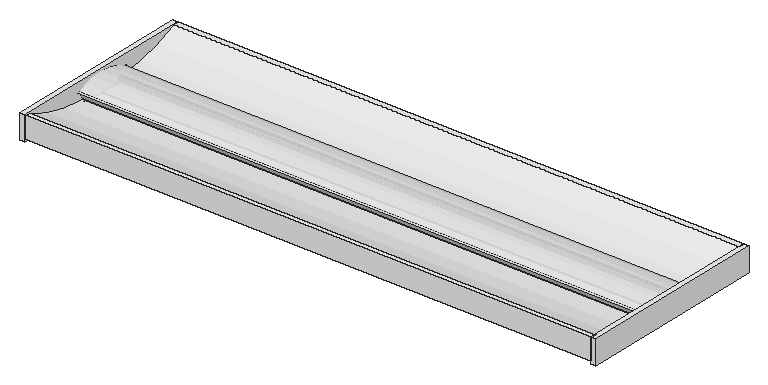
Revit family "LRTF", category Lighting Fixtures, host Face, Revit 2019
Family settings
  Host = Face
  Round Connector Dimension = Use Diameter
  Part Type = Normal
  Cut with Voids When Loaded = No
  Light Source = Yes
  Shared = No
  Room Calculation Point = No
Parameters (values of type "LRTF20x60-LED835K050LUNV")
  Width = 1' - 7 3/4"
  Wattage = 37 W
  built-in parameter 1150110 = 1 (stored number, unit not read)
  Voltage = 120 V
  URL = "https://www.viscor.com/en/products/lrtf"
  built-in parameter 1114217 = 0.9 (stored number, unit not read)
  Tilt Angle = -90.00°
  built-in parameter 1150109 = 1 (stored number, unit not read)
  built-in parameter 1150134 = (empty or 0)
  built-in parameter 1150113 = 1 (stored number, unit not read)
  Reflector Wdith = Width / 2  # 0' - 9 7/8"
  Photometric Web File = "LRTF20X60-LED835K050LUNV.ies"
  Model = "LRTF"  # constant formula
  Manufacturer = "VISIONEERING by VISCOR"  # constant formula
  built-in parameter 1150105 = 376.88 (stored number, unit not read)
  Lumens = 4736 lm
  built-in parameter 1150115 = 1 (stored number, unit not read)
  built-in parameter 1150137 = (empty or 0)
  built-in parameter 1150139 = (empty or 0)
  Lens Finish = Acrylic - Viscor - Frosted Ribbed Linear
  Length = 4' - 11 3/4"
  Lamp Wattage = 37 VA
  built-in parameter 1150112 = 1 (stored number, unit not read)
  built-in parameter 1150114 = 1 (stored number, unit not read)
  Lamp = "LED"  # constant formula
  built-in parameter 1150132 = (empty or 0)
  built-in parameter 1150102 = (empty or 0)
  built-in parameter 1150107 = 3500 (stored number, unit not read)
  built-in parameter 1150138 = (empty or 0)
  built-in parameter 1150106 = 3.7688 (stored number, unit not read)
  Housing Finish = Metal - Viscor - White
  Height of Fixture = 0' - 2 1/2"
  Emit from Rectangle Width = Width  # 1' - 7 3/4"
  Emit from Rectangle Length = Length  # 4' - 11 3/4"
  Emit Shape Visible in Rendering = no
  built-in parameter 1150104 = 11.892 (stored number, unit not read)
  Dimming Lamp Color Temperature Shift = <None>
  Description = "LED Troffer Dish Low Profile Diffuser"  # constant formula
  Default Elevation = 4' - 0"
  Color Filter = 16777215
  built-in parameter 1114218 = 1 (stored number, unit not read)
  built-in parameter 1150133 = 10 (stored number, unit not read)
  Assembly Code = "D5020200"
  Apparent Load = Lamp Wattage  # 37 VA
Types (9): name | Width | Wattage | built-in parameter 1150134 | Reflector Wdith | Photometric Web File | built-in parameter 1150105 | Lumens | Length | Lamp Wattage | built-in parameter 1150107 | built-in parameter 1150106 | Height of Fixture | Emit from Rectangle Width | Emit from Rectangle Length | built-in parameter 1150104 | Apparent Load
  (no name) | 1' - 7 3/4" | 37 W | (empty or 0) | 0' - 9 7/8" | "LRTF20X60-LED835K050LUNV.ies" | 376.88 (stored number, unit not read) | 4736 lm | 4' - 11 3/4" | 37 VA | 3500 (stored number, unit not read) | 3.7688 (stored number, unit not read) | 0' - 2 1/2" | 1' - 7 3/4" | 4' - 11 3/4" | 11.892 (stored number, unit not read) | 37 VA
  LRTF1X4-LED840K050LUNV | 0' - 11 3/4" | 37 W | 12 | 0' - 5 7/8" | "LRTF1X4-LED840K050LUNV-G001831.IES" | 415.16 (stored number, unit not read) | 5217 lm | 3' - 11 3/4" | 37 VA | 4000 (stored number, unit not read) | 4.1516 (stored number, unit not read) | 0' - 2 1/2" | 0' - 11 3/4" | 3' - 11 3/4" | 13.099 (stored number, unit not read) | 37 VA
  LRTF1x1-LED840K016LUNV | 1' - 1 15/16" | 17 W | 12 | 0' - 6 31/32" | "LRTF1x1-LED840K016LUNV.ies" | 142.05 (stored number, unit not read) | 1785 lm | 1' - 1 15/16" | 17 VA | 4000 (stored number, unit not read) | 1.4205 (stored number, unit not read) | 0' - 3 3/8" | 1' - 1 15/16" | 1' - 1 15/16" | 9.7548 (stored number, unit not read) | 17 VA
  LRTF2x2-LED840K038LUNV | 1' - 11 3/4" | 30 W | 12 | 0' - 11 7/8" | "LRTF2x2-LED840K038LUNV-G001332.IES" | 303.19 (stored number, unit not read) | 3810 lm | 1' - 11 3/4" | 30 VA | 4000 (stored number, unit not read) | 3.0319 (stored number, unit not read) | 0' - 2 1/2" | 1' - 11 3/4" | 1' - 11 3/4" | 11.799 (stored number, unit not read) | 30 VA
  LRTF2X4-LED840K040LUNV | 1' - 11 3/4" | 32 W | 12 | 0' - 11 7/8" | "LRTF2X4-LED840K040LUNV.ies" | 305.58 (stored number, unit not read) | 3840 lm | 3' - 11 3/4" | 32 VA | 4000 (stored number, unit not read) | 3.0558 (stored number, unit not read) | 0' - 2 1/2" | 1' - 11 3/4" | 3' - 11 3/4" | 11.148 (stored number, unit not read) | 32 VA
  LRTF30x30-LED840K038LUNV | 2' - 5 3/4" | 31 W | 12 | 1' - 2 7/8" | "LRTF30X30-LED840K038LUNV.ies" | 300.96 (stored number, unit not read) | 3782 lm | 2' - 5 3/4" | 31 VA | 4000 (stored number, unit not read) | 3.0096 (stored number, unit not read) | 0' - 2 1/2" | 2' - 5 3/4" | 2' - 5 3/4" | 11.334 (stored number, unit not read) | 31 VA
  LRTF20x60-LED835K050LUNV | 1' - 7 3/4" | 37 W | (empty or 0) | 0' - 9 7/8" | "LRTF20X60-LED835K050LUNV.ies" | 376.88 (stored number, unit not read) | 4736 lm | 4' - 11 3/4" | 37 VA | 3500 (stored number, unit not read) | 3.7688 (stored number, unit not read) | 0' - 2 1/2" | 1' - 7 3/4" | 4' - 11 3/4" | 11.892 (stored number, unit not read) | 37 VA
  LRTF2X4-LED840K050LUNV | 1' - 11 3/4" | 37 W | 12 | 0' - 11 7/8" | "LRTF2X4-LED840K050LUNV-G001504.IES" | 376.88 (stored number, unit not read) | 4736 lm | 3' - 11 3/4" | 37 VA | 4000 (stored number, unit not read) | 3.7688 (stored number, unit not read) | 0' - 2 1/2" | 1' - 11 3/4" | 3' - 11 3/4" | 11.892 (stored number, unit not read) | 37 VA
  LRTF2X4-LED840K070LUNV | 1' - 11 3/4" | 55 W | 12 | 0' - 11 7/8" | "LRTF2X4-LED840K070LUNV-G001509.IES" | 560.23 (stored number, unit not read) | 7040 lm | 3' - 11 3/4" | 55 VA | 4000 (stored number, unit not read) | 5.6023 (stored number, unit not read) | 0' - 2 1/2" | 1' - 11 3/4" | 3' - 11 3/4" | 11.892 (stored number, unit not read) | 55 VA
Reference planes (in)
  plane 1 "Center (Front/Back)": y = 0
  plane 2: z = 0
  plane 3 "Center (Left/Right)": x = 0
  plane 4: x = 29.875
  plane 5: x = -29.875
  plane 6: y = 9.875
  plane 7: y = -9.875
  plane 8: z = -2.5
  plane 9: x = 29.375
  plane 10: x = -29.375
  plane 11: y = 9.375
  plane 12: y = -9.375
  plane 13 "Lens": z = -0.1875
Forms (in)
  Extrusion 1, solid, material "Metal - Viscor - White" <- "Housing Finish"
    sketch origin (0, 0, -2.5) x (1, 0, 0) y (0, 1, 0)
      loop
        line (-29.875, -9.875) -> (-29.375, -9.875) -> (-29.375, 9.875) -> (-29.875, 9.875) -> (-29.875, -9.875)
      loop
        line (29.875, -9.875) -> (29.875, 9.875) -> (29.375, 9.875) -> (29.375, -9.875) -> (29.875, -9.875)
    from 0 to 2.5
  Sweep 2, solid, material "Acrylic - Viscor - Frosted Ribbed Linear" <- "Lens Finish"
    path origin (0, 0, -0.1875) x (0, 1, 0) y (-1, 0, 0)
      loop
        line (0, 29.375) -> (0, -29.375)
    profile "LRTF Lens Profile : LRTF Lens Profile" origin (0, 0, -0.1875) x (0, 1, 0) y (0, 0, 1)
      loop
        arc (-2.18663, -1.71331) -> (-2.15856, -1.57646) -> (-2.27074, -1.49319) r 0.13
        line (-2.27074, -1.49319) -> (-2.48063, -1.47802) -> (-2.83842, -0.77038)
        arc (-2.83842, -0.77038) -> (0, -0.0625) -> (2.83842, -0.77038) r 6.04462
        line (2.83842, -0.77038) -> (2.48063, -1.47802) -> (2.27074, -1.49319)
        arc (2.27074, -1.49319) -> (2.15856, -1.57646) -> (2.18663, -1.71331) r 0.13
        line (2.18663, -1.71331) -> (2.32575, -1.85693)
        arc (2.32575, -1.85693) -> (2.36818, -1.85766) -> (2.36887, -1.81522) r 0.03
        line (2.36887, -1.81522) -> (2.22977, -1.67161)
        arc (2.22977, -1.67161) -> (2.21461, -1.59789) -> (2.27505, -1.55304) r 0.07
        line (2.27505, -1.55304) -> (2.51884, -1.53541) -> (2.89309, -0.79522)
        arc (2.89309, -0.79522) -> (2.96197, -0.8342) -> (3.03032, -0.87407) r 6.04712
        arc (3.03032, -0.87407) -> (3.07149, -0.86341) -> (3.06064, -0.82229) r 0.03
        arc (3.06064, -0.82229) -> (0, 0) -> (-3.06064, -0.82229) r 6.10712
        arc (-3.06064, -0.82229) -> (-3.07149, -0.86341) -> (-3.03032, -0.87407) r 0.03
        arc (-3.03032, -0.87407) -> (-2.96197, -0.8342) -> (-2.89309, -0.79522) r 6.04712
        line (-2.89309, -0.79522) -> (-2.51884, -1.53541) -> (-2.27505, -1.55304)
        arc (-2.27505, -1.55304) -> (-2.21461, -1.59789) -> (-2.22977, -1.67161) r 0.07
        line (-2.22977, -1.67161) -> (-2.36887, -1.81522)
        arc (-2.36887, -1.81522) -> (-2.36818, -1.85766) -> (-2.32575, -1.85693) r 0.03
        line (-2.32575, -1.85693) -> (-2.18663, -1.71331)
  Extrusion 3, void
    sketch origin (0, 0, 0) x (0, 1, 0) y (0, 0, 1)
      loop
        line (9.875, -2.5) -> (9.875, 0) -> (-9.875, 0) -> (-9.875, -2.5) -> (9.875, -2.5)
    from -29.875 to 29.875
  Sweep 4, solid, material "Metal - Viscor - White" <- "Housing Finish"
    path origin (0, 0, -0.1875) x (0, 1, 0) y (-1, 0, 0)
      loop
        line (0, 29.375) -> (0, -29.375)
    profile "LRTF Reflector Profile w Housing : Reflector Profile w Housing" origin (0, 0, -0.1875) x (0, 1, 0) y (0, 0, 1)
      loop
        line (-9.875, -2.05685) -> (0, -2.05685) -> (0, -2.0256) -> (-2.3277, -2.0256) -> (-2.38531, -1.82037) -> (-2.2287, -1.65869)
        arc (-2.2287, -1.65869) -> (-2.21527, -1.5933) -> (-2.26884, -1.55349) r 0.06213
        line (-2.26884, -1.55349) -> (-2.51273, -1.53585)
        arc (-2.51273, -1.53585) -> (-6.03518, -1.05427) -> (-9.375, 0.1644) r 16.64477
        line (-9.375, 0.1644) -> (-9.875, 0.1644) -> (-9.875, -2.05685)
  Sweep 5, solid, material "Metal - Viscor - White" <- "Housing Finish"
    path origin (0, 0, -0.1875) x (0, 1, 0) y (-1, 0, 0)
      loop
        line (0, 29.375) -> (0, -29.375)
    profile "LRTF Reflector Profile : Reflector Profile" origin (0, 0, -0.1875) x (0, 1, 0) y (0, 0, 1)
      loop
        line (9.38027, 0.13315) -> (9.875, 0.13315) -> (9.875, 0.1644) -> (9.375, 0.1644)
        arc (9.375, 0.1644) -> (6.03518, -1.05427) -> (2.51273, -1.53585) r 16.64477
        line (2.51273, -1.53585) -> (2.26884, -1.55349)
        arc (2.26884, -1.55349) -> (2.21527, -1.5933) -> (2.2287, -1.65869) r 0.06213
        line (2.2287, -1.65869) -> (2.38531, -1.82037) -> (2.3277, -2.0256) -> (0, -2.0256) -> (0, -2.05685) -> (2.35139, -2.05685) -> (2.42025, -1.81153) -> (2.25114, -1.63695)
        arc (2.25114, -1.63695) -> (2.24447, -1.60445) -> (2.2711, -1.58465) r 0.03088
        line (2.2711, -1.58465) -> (2.51498, -1.56702)
        arc (2.51498, -1.56702) -> (6.03888, -1.08542) -> (9.38027, 0.13315) r 16.66138
Dimensions and locks (in)
  equal spacing: plane 5, plane 3 "Center (Left/Right)", plane 4
  "Length": plane 5 to plane 4
  equal spacing: plane 6, plane 1 "Center (Front/Back)", plane 7
  "Width": plane 6 to plane 7
  "Height of Fixture": plane 2 to plane 8
  locked: plane 9 to plane 4 at 0.5
  locked: plane 5 to plane 10 at 0.5
  locked: plane 12 to plane 7 at 0.5
  locked: plane 6 to plane 11 at 0.5
  plane 2 to plane 13 "Lens" = 0' - 0 3/16"
  aligned and locked: plane 2 to host face
  aligned and locked: level to host face
  aligned and locked: plane 8 to Extrusion 1
  aligned and locked: Extrusion 1 to plane 5
  aligned and locked: plane 5 to Extrusion 1 sketch curve
  aligned and locked: Extrusion 1 sketch curve to plane 10
  aligned and locked: Extrusion 3 sketch curve to Extrusion 1  (x2)
  aligned and locked: Extrusion 1 sketch curve to plane 6
  aligned and locked: Extrusion 1 sketch curve to plane 7
  aligned and locked: plane 6 to Extrusion 1 sketch curve
  aligned and locked: plane 4 to Extrusion 1 sketch curve
  aligned and locked: plane 9 to Extrusion 1 sketch curve
  aligned and locked: plane 7 to Extrusion 1 sketch curve
  aligned and locked: plane 4 to Extrusion 3
  aligned and locked: Extrusion 3 to plane 5
  aligned and locked: plane 6 to Extrusion 3
  aligned and locked: Extrusion 3 to plane 7
  aligned and locked: plane 1 "Center (Front/Back)" to Sweep 2 sketch curve
  aligned and locked: plane 10 to Sweep 2 sketch curve
  aligned and locked: plane 9 to Sweep 2 sketch curve
  aligned and locked: plane 1 "Center (Front/Back)" to Sweep 5 sketch curve
  aligned and locked: plane 9 to Sweep 5 sketch curve
  aligned and locked: plane 10 to Sweep 5 sketch curve
Automatic sketch dimensions
  host sketch curve to host sketch curve = 8' - 0"  (x2)
  Extrusion 3 sketch curve to plane 7 = 0' - 0"
  Extrusion 3 sketch curve to plane 6 = 0' - 0"
  plane 1 "Center (Front/Back)" to Sweep 4 sketch curve = 0' - 0"
  Sweep 4 sketch curve to plane 9 = 0' - 0"
  Sweep 4 sketch curve to plane 10 = 0' - 0"
Connectors (in)
  electrical at (0, 1.17569, -2.24435), driven by "Voltage", driven by "Apparent Load"
    settings: on Sweep 5, index 1, voltage 120 V, apparent load 0 VA, apparent load phase1 37 VA, apparent load phase2 0 VA, apparent load phase3 0 VA, power factor 1, load classification "Other", number of poles 1, system type 31, power factor state 1, is connector primary yes, connector utility no, sub classification motor no, connector description ""
